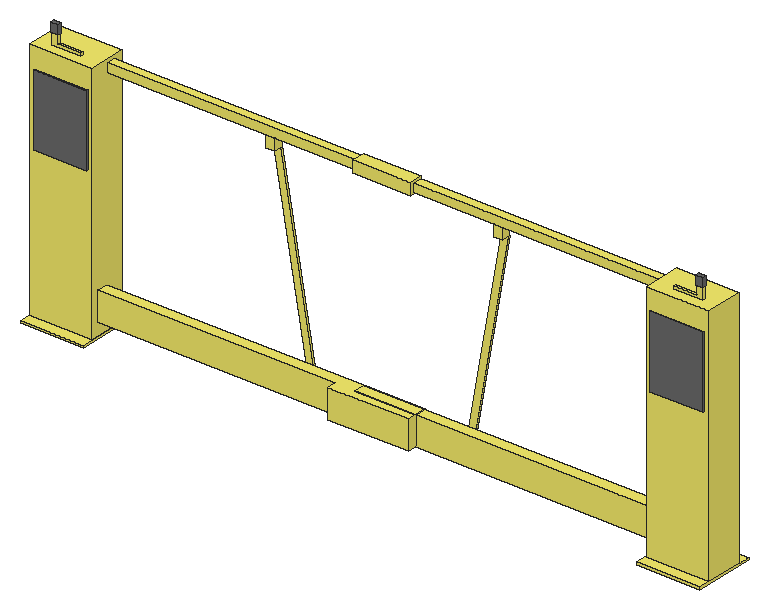
Revit family "Safety_Dock-Gate_Nova-Tech_Sentinel", category Generic Models, Revit 2017
Family settings
  Can host rebar = No
  Round Connector Dimension = Use Diameter
  Part Type = Normal
  OmniClass Number = 23.50.70.00
  OmniClass Title = Loading Dock Equipment
  Work Plane-Based = Yes
  Always vertical = No
  Cut with Voids When Loaded = No
  Shared = No
  Room Calculation Point = No
Parameters
  topbarsidelength = Unit Width - topbarlength + (0' 9 1/4" * 2) + 0' 5"  # 4' - 9 1/4"
  topbarlength = (Unit Width / 2) + 1' 2 1/4"  # 5' - 2 1/4"
  openangle [instance] = if(Gate Closed, 0.00°, 90.00°)  # 0.00°
  centerbraceangle [instance] = if(Gate Closed, 100.00°, 100.00° - openangle - 5.00°)  # 100.00°
  bottombarsidelength = Unit Width - bottombarlength + (0' 3 3/4" * 2) + 0' 7" + 0' 7"  # 4' - 9"
  bottombarlength = (Unit Width / 2) + 1' 0 1/2"  # 5' - 0 1/2"
  Warranty Duration (Years) = 0
  Unit Width = 8' - 0"
  Unit Height = 3' - 6 1/2"
  Unit Depth = 0' - 10 1/2"
  URL = "http://www.novalocks.com/"
  Test Data = ""
  Specification = "http://arcat.com/arcatcos/cos43/arc43493.html?isac=1&r=2"
  SpecWizard = ""
  Send Message = "http://www.arcat.com/users.pl?action=UserEmail&company=Nova+Technology&coid=43493&rep=132&fax=262-502-1511&mf="
  Sales Information = "http://www.novalocks.com/general-contact-info/"
  Revision = "R1_04-2013"
  Product Properties = ""
  Product Data = "http://arcat.com/arcatcos/cos43/arc43493.html?isac=1&r=2"
  Model = "As Specified"
  Manufacturer Website = "http://www.novalocks.com/"
  Manufacturer Phone - Toll Free = "800-236-7325"
  Manufacturer Phone = "262-502-1591"
  Manufacturer Fax = "262-502-1511"
  Manufacturer Address = "N90 W14507 Commerce Dr. Menomonee Falls, WI 53051"
  Manufacturer = "Nova Technology"
  Maintenance Schedule (Months) = 0
  Keynote = "11160"
  Installation-Fabrication = ""
  Installation Phase = ""
  Green Building-LEED = ""
  Gate Open [instance] = not(Gate Closed)  # no
  Gate Closed [instance] = yes
  Fixture Material = Metal - Nova - Yellow
  Expected Lifespan (Years) = 0
  Drawn By = "Sumex Design, Inc. / Robert S. Weygant, CSI, CDT, SCIP"
  Description = "Nova Technology Dock Product as Specified"
  Default Elevation = 4' - 0"
  Copyright = "©Arcat Inc."
  Construction Details = ""
  Capacity = "32000 lbs"
  Building Codes = ""
  Assembly Code = "E1030300"
  Accent [instance] = Metal - Nova - Black
Reference planes (in)
  plane 1 "Wall Side": y = 0
  plane 2 "Host": z = 0
  plane 3 "Center (Left/Right)": x = 0
  plane 4 "OH": y = -10.5
  plane 5 "Top": z = 42.5
  plane 6: x = -48
  plane 7: x = 48
  plane 8: z = 2.5
  plane 9: z = 5
  plane 10: x = -51.75
  plane 11: x = 51.75
  plane 12: z = 42
  plane 13: x = -57.25
  plane 14: x = 57.25
  plane 15: z = 41.25
Forms (in)
  Extrusion 1, solid, material "Metal - Nova - Yellow" <- "Fixture Material"
    sketch origin (0, 0, 0) x (1, 0, 0) y (0, 1, 0)
      loop
        line (-48, 0) -> (-59, 0) -> (-59, -10.5) -> (-48, -10.5) -> (-48, 0)
      loop
        line (48, 0) -> (48, -10.5) -> (59, -10.5) -> (59, 0) -> (48, 0)
    from 0 to 0.4
  Extrusion 2, solid, material "Metal - Nova - Yellow" <- "Fixture Material"
    sketch origin (0, 0, 0) x (1, 0, 0) y (0, 1, 0)
      loop
        line (-59, -8.5) -> (-48.25, -8.5) -> (-48.25, -2) -> (-59, -2) -> (-59, -8.5)
      loop
        line (59, -8.5) -> (59, -2) -> (48.25, -2) -> (48.25, -8.5) -> (59, -8.5)
    from 0 to 42.5
  Extrusion 3, solid, material "Metal - Nova - Yellow" <- "Fixture Material"
    sketch origin (-51.75, 0, 5) x (1, 0, 0) y (0, 0, 1)
      loop
        line (58.75, -2.5) -> (58.75, 2.5) -> (-1.75, 2.5) -> (-1.75, -2.5) -> (58.75, -2.5)
    from 5.25 to 7.25
  Extrusion 4, solid, material "Metal - Nova - Yellow" <- "Fixture Material"
    sketch origin (-51.75, 0, 5) x (1, 0, 0) y (0, 0, 1)
      loop
        line (58.75, 2.5) -> (44.75, 2.5) -> (44.75, -2.5) -> (58.75, -2.5) -> (58.75, 2.5)
    from 5.25 to 8.75
  Extrusion 5, solid, material "Metal - Nova - Yellow" <- "Fixture Material"
    sketch origin (51.75, 0, 5) x (-1, 0, 0) y (0, 0, -1)
      loop
        line (55.25, -2.5) -> (55.25, 2.5) -> (-1.75, 2.5) -> (-1.75, -2.5) -> (55.25, -2.5)
    from 5.25 to 7.25
  Extrusion 6, solid, material "Metal - Nova - Yellow" <- "Fixture Material"
    sketch origin (-11.94222, -10.5, 48) x (-1, 0, 0) y (0, 0, 1)
      loop
        line (44.55778, -5.5) -> (44.55778, -3.5) -> (43.55778, -3.5) -> (43.55778, -5) -> (39.55778, -5) -> (39.55778, -5.5) -> (44.55778, -5.5)
      loop
        line (-68.44222, -5.5) -> (-63.44222, -5.5) -> (-63.44222, -5) -> (-67.44222, -5) -> (-67.44222, -3.5) -> (-68.44222, -3.5) -> (-68.44222, -5.5)
    from 3.76421 to 4.0972
  Extrusion 7, solid, material "Metal - Nova - Black" <- "Accent"
    sketch origin (-11.94222, -10.5, 48) x (-1, 0, 0) y (0, 0, 1)
      loop
        line (43.43278, -3.5) -> (44.68278, -3.5) -> (44.68278, -1.875) -> (43.43278, -1.875) -> (43.43278, -3.5)
      loop
        line (-67.31722, -3.5) -> (-67.31722, -1.875) -> (-68.56722, -1.875) -> (-68.56722, -3.5) -> (-67.31722, -3.5)
    from 3.63277 to 4.19996
  Extrusion 8, solid, material "Metal - Nova - Yellow" <- "Fixture Material"
    sketch origin (-57.25, 0, 41.25) x (1, 0, 0) y (0, 0, 1)
      loop
        line (0, 0.75) -> (0, -0.75) -> (62.25, -0.75) -> (62.25, 0.75) -> (0, 0.75)
    from 3.75 to 5.25
  Extrusion 9, solid, material "Metal - Nova - Yellow" <- "Fixture Material"
    sketch origin (-57.25, 0, 41.25) x (1, 0, 0) y (0, 0, 1)
      loop
        line (62.25, 1) -> (52.25, 1) -> (52.25, -1) -> (62.25, -1) -> (62.25, 1)
    from 3.5 to 5.75
  Extrusion 10, solid, material "Metal - Nova - Yellow" <- "Fixture Material"
    sketch origin (57.25, 0, 41.25) x (-1, 0, 0) y (0, 0, -1)
      loop
        line (0, -0.75) -> (57.25, -0.75) -> (57.25, 0.75) -> (0, 0.75) -> (0, -0.75)
    from 3.75 to 5.25
  Extrusion 11, solid, material "Metal - Nova - Yellow" <- "Fixture Material"
    sketch origin (-61.25, 0, 41.25) x (1, 0, 0) y (0, 0, 1)
      loop
        line (42.25, -0.75) -> (40.75, -0.75) -> (40.75, -2.75) -> (42.25, -2.75) -> (42.25, -0.75)
    from 3.75 to 5.25
  Extrusion 12, solid, material "Metal - Nova - Yellow" <- "Fixture Material"
    sketch origin (61.25, 0, 41.25) x (-1, 0, 0) y (0, 0, -1)
      loop
        line (42.25, 0.75) -> (42.25, 2.75) -> (40.75, 2.75) -> (40.75, 0.75) -> (42.25, 0.75)
    from 3.75 to 5.25
  Extrusion 13, solid, material "Metal - Nova - Yellow" <- "Fixture Material"
    sketch origin (-19.75, 0, 38.5) x (0.173648, 0, -0.984808) y (0.984808, 0, 0.173648)
      loop
        line (34.01679, -0.625) -> (34.01679, 0.625) -> (0, 0.625) -> (0, -0.625) -> (34.01679, -0.625)
    from 3.5 to 3.75
  Extrusion 14, solid, material "Metal - Nova - Yellow" <- "Fixture Material"
    sketch origin (19.75, 0, 38.5) x (-0.173648, 0, -0.984808) y (0.984808, 0, -0.173648)
      loop
        line (0, 0.625) -> (0, -0.625) -> (34.01679, -0.625) -> (34.01679, 0.625) -> (0, 0.625)
    from 3.5 to 3.75
  Extrusion 15, solid, material "Metal - Nova - Black" <- "Accent"
    sketch origin (-11.94222, -10.5, 48) x (-1, 0, 0) y (0, 0, 1)
      loop
        line (46.16719, -9.02821) -> (36.91719, -9.02821) -> (36.91719, -21.52821) -> (46.16719, -21.52821) -> (46.16719, -9.02821)
      loop
        line (-70.05163, -9.02821) -> (-70.05163, -21.52821) -> (-60.80163, -21.52821) -> (-60.80163, -9.02821) -> (-70.05163, -9.02821)
    from 1.81056 to 2
Cuts and joins
  joined: Extrusion 3, Extrusion 4
  joined: Extrusion 8, Extrusion 9
Lines and regions (in)
  reference lines
    curve 1: line (-51.75, 0, 5) -> (-7, 0, 5)
    curve 3: line (51.75, 0, 5) -> (7, 0, 5)
    curve 4: line (-57.25, 0, 41.25) -> (-33.25, 0, 41.25)
    curve 5: line (57.25, 0, 41.25) -> (33.25, 0, 41.25)
    curve 6: line (-19.75, 0, 38.5) -> (-13.84305, 0, 5)
    curve 7: line (19.75, 0, 38.5) -> (13.84305, 0, 5)
  symbolic lines
    curve 2: line (-48.25, -8.5, 0) -> (-48.25, -7.25, 0)
Dimensions and locks (in)
  equal spacing: plane 6, plane 3 "Center (Left/Right)", plane 7
  "Unit Width": plane 6 to plane 7
  "Unit Depth": plane 4 "OH" to plane 1 "Wall Side"
  "Unit Height": plane 5 "Top" to level
  locked: plane 7 to Extrusion 1 sketch curve at 11
  locked: Extrusion 1 sketch curve to plane 6 at 11
  locked: Extrusion 2 sketch curve to plane 6 at 11
  locked: plane 7 to Extrusion 2 sketch curve at 11
  locked: plane 7 to Extrusion 2 sketch curve at 0.25
  locked: Extrusion 2 sketch curve to plane 6 at 0.25
  locked: plane 8 to level at 2.5
  locked: Extrusion 3 sketch curve to Extrusion 3 sketch curve at 5
  locked: plane 6 to plane 10 at 3.75
  "bottombarlength": Extrusion 3 sketch curve to Extrusion 3 sketch curve
  "bottombarlength": Extrusion 3 to Extrusion 4 sketch curve
  locked: Extrusion 4 sketch curve to Extrusion 4 sketch curve at 14
  "bottombarsidelength": Extrusion 5 sketch curve to Extrusion 5 sketch curve
  locked: Extrusion 5 sketch curve to Extrusion 5 sketch curve at 5
  plane 6 to Extrusion 6 sketch curve to Extrusion 6 sketch curve to Extrusion 6 sketch curve = 0' - 3 1/2" locked, 0' - 4" locked, 0' - 1" locked
  Extrusion 6 sketch curve to Extrusion 6 sketch curve to Extrusion 6 sketch curve to plane 7 = 0' - 1" locked, 0' - 4" locked, 0' - 3 1/2" locked
  locked: plane 5 "Top" to plane 12 at 0.5
  locked: plane 6 to plane 13 at 9.25
  locked: plane 11 to plane 7 at 3.75
  locked: plane 14 to plane 7 at 9.25
  locked: plane 12 to plane 15 at 0.75
  "topbarlength": Extrusion 8 sketch curve to Extrusion 8 sketch curve
  locked: Extrusion 8 sketch curve to Extrusion 8 sketch curve at 1.5
  "topbarlength": Extrusion 8 to Extrusion 9 sketch curve
  locked: Extrusion 9 sketch curve to Extrusion 9 sketch curve at 10
  "topbarsidelength": Extrusion 10 sketch curve to Extrusion 10 sketch curve
  "openangle": angle plane 9 to curve 1
  "openangle": angle curve 3 to plane 9
  "openangle": angle plane 15 to curve 4
  "openangle": angle curve 5 to plane 15
  "centerbraceangle": angle curve 4 to curve 6
  "centerbraceangle": angle curve 7 to curve 5
  aligned and locked: plane 7 to Extrusion 1 sketch curve
  aligned and locked: plane 1 "Wall Side" to Extrusion 1 sketch curve
  aligned and locked: plane 4 "OH" to Extrusion 1 sketch curve
  aligned and locked: Extrusion 1 sketch curve to plane 1 "Wall Side"
  aligned and locked: Extrusion 1 sketch curve to plane 4 "OH"
  aligned and locked: plane 6 to Extrusion 1 sketch curve
  aligned and locked: Extrusion 2 to plane 5 "Top"
  aligned and locked: plane 9 to curve 1
  aligned and locked: plane 10 to curve 1
  aligned and locked: plane 11 to curve 3
  aligned and locked: plane 9 to curve 3
  aligned and locked: plane 13 to curve 4
  aligned and locked: plane 15 to curve 4
  aligned and locked: plane 14 to curve 5
  aligned and locked: plane 15 to curve 5
Automatic sketch dimensions
  curve 2 to plane 6 = 0' - 0 1/4"
  plane 4 "OH" to curve 2 = 0' - 2"
  curve 2 to curve 2 = 0' - 1 1/4"
  plane 4 "OH" to Extrusion 2 sketch curve = 0' - 2"  (x2)
  plane 1 "Wall Side" to Extrusion 2 sketch curve = 0' - 2"  (x2)
  Extrusion 3 sketch curve to curve 1 = 0' - 1 3/4"
  Extrusion 3 sketch curve to curve 1 = 0' - 2 1/2"
  curve 1 to Extrusion 4 sketch curve = 0' - 2 1/2"
  Extrusion 4 sketch curve to curve 1 = 0' - 2 1/2"
  Extrusion 5 sketch curve to curve 3 = 0' - 1 3/4"
  Extrusion 5 sketch curve to curve 3 = 0' - 2 1/2"
  Extrusion 6 sketch curve to plane 5 "Top" = 0' - 0"  (x2)
  plane 5 "Top" to Extrusion 6 sketch curve = 0' - 0 1/2"  (x2)
  Extrusion 6 sketch curve to Extrusion 6 sketch curve = 0' - 1 1/2"  (x2)
  plane 14 to Extrusion 7 sketch curve = 0' - 0 5/8"
  Extrusion 7 sketch curve to Extrusion 7 sketch curve = 0' - 1 1/4"
  plane 13 to Extrusion 7 sketch curve = 0' - 1 7/8"
  plane 13 to Extrusion 7 sketch curve = 0' - 0 5/8"
  plane 5 "Top" to Extrusion 7 sketch curve = 0' - 2"  (x2)
  Extrusion 7 sketch curve to Extrusion 7 sketch curve = 0' - 1 5/8"  (x2)
  Extrusion 8 sketch curve to curve 4 = 0' - 0"
  Extrusion 8 sketch curve to curve 4 = 0' - 0 3/4"
  curve 4 to Extrusion 9 sketch curve = 0' - 1"
  Extrusion 9 sketch curve to curve 4 = 0' - 1"
  Extrusion 10 sketch curve to curve 5 = 0' - 0"
  Extrusion 10 sketch curve to curve 5 = 0' - 0 3/4"
  curve 5 to Extrusion 10 sketch curve = 0' - 0 3/4"
  curve 4 to Extrusion 11 sketch curve = 0' - 0 3/4"
  curve 4 to Extrusion 11 sketch curve = 1' - 0 3/4"
  Extrusion 11 sketch curve to Extrusion 11 sketch curve = 0' - 1 1/2"
  Extrusion 11 sketch curve to Extrusion 11 sketch curve = 0' - 2"
  Extrusion 12 sketch curve to curve 5 = 0' - 0 3/4"
  curve 5 to Extrusion 12 sketch curve = 1' - 0 3/4"
  Extrusion 12 sketch curve to Extrusion 12 sketch curve = 0' - 1 1/2"
  Extrusion 12 sketch curve to Extrusion 12 sketch curve = 0' - 2"
  curve 7 to curve 5 = 0' - 2 3/4"
  curve 5 to curve 7 = 1' - 1 1/2"
  curve 4 to curve 6 = 0' - 2 3/4"
  curve 4 to curve 6 = 1' - 1 1/2"
  Extrusion 13 sketch curve to curve 6 = 0' - 0"  (x2)
  Extrusion 13 sketch curve to curve 6 = 0' - 0 5/8"
  curve 6 to Extrusion 13 sketch curve = 0' - 0 5/8"
  Extrusion 14 sketch curve to curve 7 = 0' - 0"  (x2)
  Extrusion 14 sketch curve to curve 7 = 0' - 0 5/8"
  curve 7 to Extrusion 14 sketch curve = 0' - 0 5/8"
  Extrusion 15 sketch curve to plane 14 = 0' - 0.85941"
  plane 7 to Extrusion 15 sketch curve = 0' - 0.85941"
  Extrusion 15 sketch curve to plane 6 = 0' - 0.85941"
  Extrusion 15 sketch curve to plane 13 = 0' - 0.85941"
  Extrusion 15 sketch curve to plane 15 = 1' - 2.77821"  (x2)
  Extrusion 15 sketch curve to plane 15 = 0' - 2.27821"  (x2)
